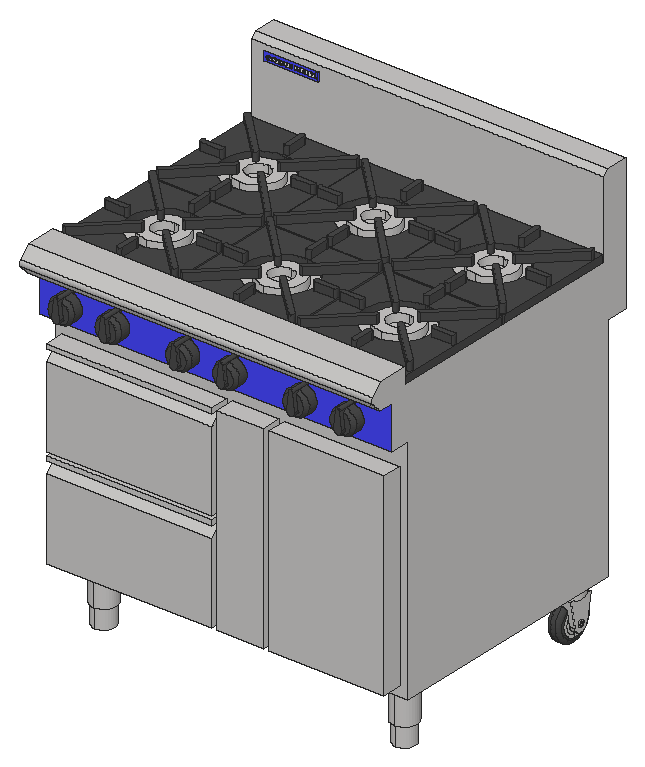
Revit family "QF_MOFFAT_BLUESEAL_CE_G516D-RB", category Specialty Equipment, Revit 2012 (continued)
Definition of nested family "GAS BURNER 900"
  Automatic sketch dimensions
    Extrusion 10 sketch curve to plane 8 "Center X" = 92.00 mm
    plane 4 "RIGHT" to Extrusion 10 sketch curve = 149.00 mm  (x2)
    curve 299 to plane 5 "FRONT" = 22.602 mm
    curve 54 to curve 52 = 49.204 mm
    curve 84 to curve 303 = 3.00 mm
    curve 302 to curve 303 = 3.00 mm
    curve 309 to curve 309 = 3.00 mm
    curve 162 to curve 310 = 18.796 mm
    curve 313 to plane 8 "Center X" = 17.653 mm
    curve 314 to plane 8 "Center X" = 8.602 mm
    plane 8 "Center X" to curve 316 = 3.602 mm
    curve 28 to curve 317 = 13.205 mm
    curve 319 to curve 308 = 0.00 mm
    curve 60 to curve 320 = 3.00 mm
    curve 62 to curve 321 = 0.00 mm
    plane 1 "BACK" to curve 322 = 0.00 mm
    curve 23 to curve 323 = 18.796 mm
    plane 1 "BACK" to curve 327 = 22.602 mm
    radius of Extrusion 1 sketch curve = 84.082 mm  (x2)
    radius of Extrusion 4 sketch curve = 84.082 mm  (x2)
    radius of Extrusion 9 sketch curve = 84.082 mm  (x2)
